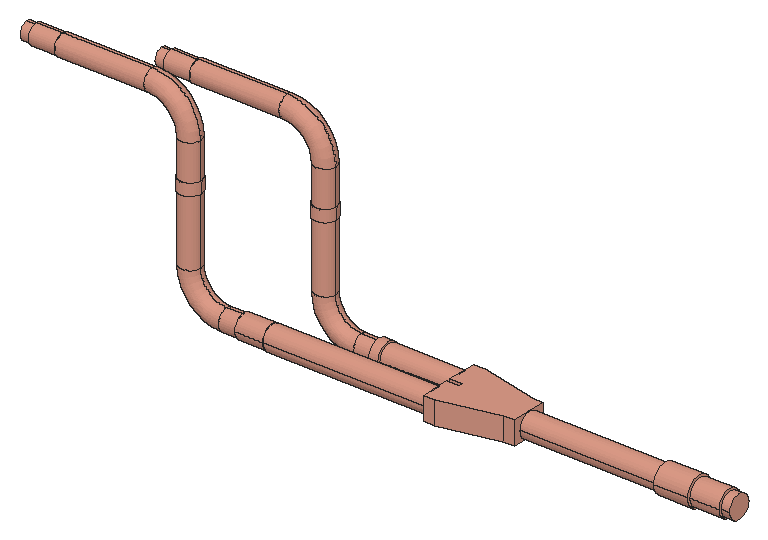
Revit family "outputfile", category 配管付属品, Revit 2024
Family settings
  丸型コネクタ寸法 = 半径を使用
  パーツ タイプ = 標準
  OmniClass 番号 = 23.65.55.00
  OmniClass タイトル = Distribution of Supplied Liquids/Gases
  作業面ベース = いいえ
  常に垂直 = はい
  ロード時にボイドで切り取り = いいえ
  共有 = いいえ
Parameters (values of type "BHFP26MA84_(2)")
  Description = ""
  製造元 = "Daikin"
  書き出し IFC クラス(タイプ) = "IfcPipeFittingType"
  Default Elevation = 0.0 mm
  定義済み IFC タイプ(タイプ) = "JUNCTION"
  Cost = 0
  モデル = "BHFP26MA84_(2)"
  Type Comments = ""
  Keynote = ""
  Type Image = (empty or 0)
  Assembly Code = ""
  table_PipeToCU_B [instance] = if(mm⇔inch, "Multi Module Kit_BHFP26MA-_HPLPGas_PipeToCU_B", "Multi Module Kit_BHFP26MA-_HPLPGas_PipeToCU_B_inch")  # "Multi Module Kit_BHFP26MA-_HPLPGas_PipeToCU_B"
  table_PipeToCU_A [instance] = if(mm⇔inch, "Multi Module Kit_BHFP26MA-_HPLPGas_PipeToCU_A", "Multi Module Kit_BHFP26MA-_HPLPGas_PipeToCU_A_inch")  # "Multi Module Kit_BHFP26MA-_HPLPGas_PipeToCU_A"
  table_ToMainPipe [instance] = if(mm⇔inch, "Multi Module Kit_BHFP26MA-_HPLPGas_ToMainPipe", "Multi Module Kit_BHFP26MA-_HPLPGas_ToMainPipe_inch")  # "Multi Module Kit_BHFP26MA-_HPLPGas_ToMainPipe"
  switch_ToMainPipe3 [instance] = if(number_ToMainPipe < 3, 1 = 0, 1 = 1)  # yes
  switch_PipeToCU_B Reducer [instance] = if(and(Is_PipeToCU_B Reducer = 1, judge_IsOffsetPipe_ToOutdoorUnitB = 0), 1 = 1, 1 = 0)  # yes
  switch_PipeToCU_B4 [instance] = if(number_PipeToCU_B < 4, 1 = 0, 1 = 1)  # no
  switch_PipeToCU_B3 [instance] = if(number_PipeToCU_B < 3, 1 = 0, 1 = 1)  # no
  switch_PipeToCU_B2 [instance] = if(number_PipeToCU_B < 2, 1 = 0, 1 = 1)  # no
  switch_PipeToCU_A Reducer [instance] = if(Is_PipeToCU_A Reducer = 1, 1 = 1, 1 = 0)  # yes
  switch_ToMainPipe Reducer [instance] = if(Is_ToMainPipe Reducer = 1, 1 = 1, 1 = 0)  # no
  switch_ToMainPipe2 [instance] = if(number_ToMainPipe < 2, 1 = 0, 1 = 1)  # yes
  switch_Offset Reducer(4) [instance] = if(and([judge_JointType(1or2)] = 1, Is_PipeToCU_B Reducer = 1, judge_IsOffsetPipe_ToOutdoorUnitB = 1), 1 = 1, 1 = 0)  # no
  switch_Offset Reducer(3) [instance] = if(and([judge_JointType(1or2)] = 2, Is_PipeToCU_B Reducer = 1, judge_IsOffsetPipe_ToOutdoorUnitB = 1), 1 = 1, 1 = 0)  # no
  r_PipeToCU_B_ActualDiameter [instance] = [PipeToCU_B_HP/LP Gas_ActualDiameter] / 2  # 7.95 mm
  r_PipeToCU_A_ActualDiameter [instance] = [PipeToCU_A_HP/LP Gas_ActualDiameter] / 2  # 7.95 mm
  r_ToMainPipe_ActualDiameter [instance] = [ToMainPipe_HP/LP Gas_ActualDiameter] / 2  # 11.1 mm
  number_PipeToCU_B ReducerPipe [instance] = size_lookup(table_PipeToCU_B, "reducerPipeNumber", 2, モデル, judge_IsOffsetPipe_ToOutdoorUnitB, [PipeToCU_B_HP/LP Gas_ActualDiameter])  # 2
  number_PipeToCU_B [instance] = size_lookup(table_PipeToCU_B, "pipeNumber", 1, モデル, judge_IsOffsetPipe_ToOutdoorUnitB, [PipeToCU_B_HP/LP Gas_ActualDiameter])  # 1
  number_PipeToCU_A ReducerPipe [instance] = size_lookup(table_PipeToCU_A, "reducerPipeNumber", 2, モデル, [PipeToCU_A_HP/LP Gas_ActualDiameter])  # 2
  number_ToMainPipe [instance] = size_lookup(table_ToMainPipe, "pipeNumber", 3, モデル, [ToMainPipe_HP/LP Gas_ActualDiameter])  # 3
  mm⇔inch [instance] = yes
  l_ToMainPipe3 [instance] = size_lookup(table_ToMainPipe, "L_Pipe3", 10.0 mm, モデル)  # 10.0 mm
  h_PipeToCU_B Connector [instance] = if(Is_PipeToCU_B Reducer = 1, 200.0 mm, 0.0 mm)  # 200.0 mm
  h_PipeToCU_A Connector [instance] = if(Is_PipeToCU_A Reducer = 1, 200.0 mm, 0.0 mm)  # 200.0 mm
  angle_PipeToCU_B Reducer [instance] = 90.00°  # constant formula
  Unit Type = "BHFP26MA-_HPLPGas"
  Uniclass2015Version = "Products v1.31"
  Uniclass2015Title = "Copper pipe fittings"
  Uniclass2015Code = "Pr_65_52_63_18"
  URL = ""
  ToMainPipe_HP/LP Gas_Status [instance] = size_lookup(table_ToMainPipe, "Information", "The connected pipe size is not available.", モデル, [ToMainPipe_HP/LP Gas_ActualDiameter])  # "Default connector size is used."
  ToMainPipe_HP/LP Gas_ActualDiameter [instance] = 22.2 mm
  Tag No. [instance] = ""
  Series = "Multi Module kit"
  PipeToCU_B_HP/LP Gas_Status [instance] = size_lookup(table_PipeToCU_B, "Information", "The connected pipe size is not available.", モデル, judge_IsOffsetPipe_ToOutdoorUnitB, [PipeToCU_B_HP/LP Gas_ActualDiameter])  # "Reducer is used at connector."
  PipeToCU_B_HP/LP Gas_ActualDiameter [instance] = 15.9 mm
  PipeToCU_A_HP/LP Gas_Status [instance] = size_lookup(table_PipeToCU_A, "Information", "The connected pipe size is not available.", モデル, [PipeToCU_A_HP/LP Gas_ActualDiameter])  # "Reducer is used at connector."
  PipeToCU_A_HP/LP Gas_ActualDiameter [instance] = 15.9 mm
  Material_Piping = DAIKIN_Copper_Pipe
  Material_Insulation = DAIKIN_White_Insulation
  location_PipeToCU_B connector [instance] = size_lookup(table_PipeToCU_B, "Locationconnector", 0.0 mm, モデル, judge_IsOffsetPipe_ToOutdoorUnitB, [PipeToCU_B_HP/LP Gas_ActualDiameter])  # 0.0 mm
  location_PipeToCU_A connector [instance] = size_lookup(table_PipeToCU_A, "Locationconnector", 0.0 mm, モデル, [PipeToCU_A_HP/LP Gas_ActualDiameter])  # 0.0 mm
  l_PipeToCU_B connector [instance] = size_lookup(table_PipeToCU_B, "Length", 433.0 mm, モデル, judge_IsOffsetPipe_ToOutdoorUnitB, [PipeToCU_B_HP/LP Gas_ActualDiameter])  # 433.0 mm
  l_PipeToCU_B Reducer [instance] = 100.0 mm  # constant formula
  l_PipeToCU_B4 [instance] = size_lookup(table_PipeToCU_B, "L_Pipe4", 2.0 mm, モデル)  # 2.0 mm
  l_PipeToCU_B3 [instance] = size_lookup(table_PipeToCU_B, "L_Pipe3", 2.0 mm, モデル)  # 2.0 mm
  l_PipeToCU_B2 [instance] = size_lookup(table_PipeToCU_B, "L_Pipe2", 10.0 mm, モデル)  # 10.0 mm
  l_PipeToCU_B1 [instance] = size_lookup(table_PipeToCU_B, "L_Pipe1", 30.0 mm, モデル)  # 30.0 mm
  l_PipeToCU_B0 [instance] = size_lookup(table_PipeToCU_B, "L_Pipe0", 173.0 mm, モデル)  # 173.0 mm
  l_PipeToCU_A connector [instance] = size_lookup(table_PipeToCU_A, "Length", 318.0 mm, モデル, [PipeToCU_A_HP/LP Gas_ActualDiameter])  # 318.0 mm
  l_PipeToCU_A1 [instance] = size_lookup(table_PipeToCU_A, "L_Pipe1", 10.0 mm, モデル)  # 10.0 mm
  l_PipeToCU_A0 [instance] = size_lookup(table_PipeToCU_A, "L_Pipe0", 78.0 mm, モデル)  # 78.0 mm
  l_ToMainPipe connector [instance] = size_lookup(table_ToMainPipe, "Length", 223.0 mm, モデル, [ToMainPipe_HP/LP Gas_ActualDiameter])  # 223.0 mm
  l_ToMainPipe Reducer [instance] = size_lookup(table_ToMainPipe, "L_Reducer", 2.0 mm, モデル, [ToMainPipe_HP/LP Gas_ActualDiameter])  # 2.0 mm
  l_ToMainPipe2 [instance] = size_lookup(table_ToMainPipe, "L_Pipe2", 32.0 mm, モデル)  # 32.0 mm
  l_ToMainPipe1 [instance] = size_lookup(table_ToMainPipe, "L_Pipe1", 36.0 mm, モデル)  # 36.0 mm
  l_ToMainPipe0 [instance] = size_lookup(table_ToMainPipe, "L_Pipe0", 145.0 mm, モデル)  # 145.0 mm
  judge_IsOffsetPipe_ToOutdoorUnitB [instance] = 0  # constant formula
  judge_JointType(1or2) = 2
  count_PipeToCU_B Reducer [instance] = size_lookup(table_PipeToCU_B, "reducerCount", 1, モデル, judge_IsOffsetPipe_ToOutdoorUnitB, [PipeToCU_B_HP/LP Gas_ActualDiameter])  # 1
  count_PipeToCU_A Reducer [instance] = size_lookup(table_PipeToCU_A, "reducerCount", 1, モデル, [PipeToCU_A_HP/LP Gas_ActualDiameter])  # 1
  angle_PipeToCU_A Reducer [instance] = 90.00°  # constant formula
  angle_PipeToCU_A Connector [instance] = 90.00°  # constant formula
  PipeToCU_B_HP/LP Gas_AvailableDiameter [instance] = size_lookup(table_PipeToCU_B, "sizeVariation", "", モデル, judge_IsOffsetPipe_ToOutdoorUnitB)  # "15.9/19.1mm"
  PipeToCU_A_HP/LP Gas_AvailableDiameter [instance] = size_lookup(table_PipeToCU_A, "sizeVariation", "", モデル)  # "15.9/19.1mm"
  ToMainPipe_HP/LP Gas_AvailableDiameter [instance] = size_lookup(table_ToMainPipe, "sizeVariation", "", モデル)  # "22.2/25.4/28.6mm"
  O.D_ToMainPipe Reducer [instance] = size_lookup(table_ToMainPipe, "O.D_reducer", 2.0 mm, モデル, [ToMainPipe_HP/LP Gas_ActualDiameter])  # 2.0 mm
  Link_Nested Family [instance] = ""
  Is_PipeToCU_B Reducer [instance] = size_lookup(table_PipeToCU_B, "IsReducer", 1, モデル, judge_IsOffsetPipe_ToOutdoorUnitB, [PipeToCU_B_HP/LP Gas_ActualDiameter])  # 1
  Is_PipeToCU_A Reducer [instance] = size_lookup(table_PipeToCU_A, "IsReducer", 1, モデル, [PipeToCU_A_HP/LP Gas_ActualDiameter])  # 1
  Is_ToMainPipe Reducer [instance] = size_lookup(table_ToMainPipe, "IsReducer", 0, モデル, [ToMainPipe_HP/LP Gas_ActualDiameter])  # 0
  IfcVersion = ""
  IfcExportType = "JUNCTION"
  IfcExportAs = "IfcPipeFittingType"
  I.D_ToMainPipe3 [instance] = size_lookup(table_ToMainPipe, "I.D_PipeSize3", 22.2 mm, モデル)  # 22.2 mm
  Attach_Insulation [instance] = no
  I.D_PipeToCU_B4 [instance] = size_lookup(table_PipeToCU_B, "I.D_PipeSize4", 2.0 mm, モデル)  # 2.0 mm
  I.D_PipeToCU_B3 [instance] = size_lookup(table_PipeToCU_B, "I.D_PipeSize3", 2.0 mm, モデル)  # 2.0 mm
  I.D_PipeToCU_B2 [instance] = size_lookup(table_PipeToCU_B, "I.D_PipeSize2", 19.1 mm, モデル)  # 19.1 mm
  I.D_PipeToCU_B1 [instance] = size_lookup(table_PipeToCU_B, "I.D_PipeSize1", 22.5 mm, モデル)  # 22.5 mm
  I.D_PipeToCU_B0 [instance] = size_lookup(table_PipeToCU_B, "I.D_PipeSize0", 23.4 mm, モデル)  # 23.4 mm
  I.D_PipeToCU_A1 [instance] = 24.5 mm  # constant formula
  I.D_PipeToCU_A0 [instance] = 22.2 mm  # constant formula
  I.D_ToMainPipe Reducer [instance] = size_lookup(table_ToMainPipe, "I.D_reducer", 2.0 mm, モデル, [ToMainPipe_HP/LP Gas_ActualDiameter])  # 2.0 mm
  I.D_ToMainPipe2 [instance] = size_lookup(table_ToMainPipe, "I.D_PipeSize2", 25.4 mm, モデル)  # 25.4 mm
  I.D_ToMainPipe1 [instance] = size_lookup(table_ToMainPipe, "I.D_PipeSize1", 28.6 mm, モデル)  # 28.6 mm
  I.D_ToMainPipe0 [instance] = size_lookup(table_ToMainPipe, "I.D_PipeSize0", 23.4 mm, モデル)  # 23.4 mm
Reference planes
  plane 1 "Center (Front/Back)": y = 0
  plane 2: z = 0
  plane 3 "MainPipe2": x = 225.65
  plane 4: x = 193.65
  plane 5: x = 157.65
  plane 6: x = 12.65
  plane 7: x = -72.35
  plane 8: x = -160.35
  plane 9: x = -245.35
  plane 10: x = -275.35
  plane 11: x = -285.35
  plane 12: x = -287.35
  plane 13: x = -289.35
  plane 14: y = 17.5
  plane 15: y = -17.491
  plane 16: x = -150.35
  plane 17: x = 62.65
  plane 18 "ToMainPipe_connector": x = 235.65
  plane 19 "connector_OutdoorunitA": x = -72.35
  plane 20 "connectorLocation_TooutdoorUnitB": y = -17.491
  plane 21 "connector_ToOutdoorUnitB": x = -505.35
  plane 22 "MainPipe3": x = 235.65
Forms (mm)
  Extrusion 1, solid, material "DAIKIN_Copper_Pipe" <- "Material_Piping"
    sketch origin (0, 0, 0) x (1, 0, 0) y (0, 1, 0)
      loop
        line (-72.35, 1.998) -> (-60.35, 1.998) -> (-60.35, -1.998) -> (-72.35, -1.998) -> (-72.35, -33.29) -> (-60.35, -33.29) -> (0.65, -19.109) -> (12.65, -19.109) -> (12.65, 18.821) -> (0.65, 18.821) -> (-60.35, 33.29) -> (-72.35, 33.29) -> (-72.35, 1.998)
    from -12.2 to 12.2
Dimensions and locks
  locked: Extrusion 1 sketch curve to Extrusion 1 sketch curve at 37.93
  locked: Extrusion 1 sketch curve to Extrusion 1 sketch curve at 66.58
  locked: plane 6 to plane 17 at 50
  "l_PipeToCU_A0": plane 16 to plane 7
  "l_PipeToCU_A1": plane 8 to plane 16
  "l_PipeToCU_B0": plane 9 to plane 7
  "l_PipeToCU_B1": plane 10 to plane 9
  "l_PipeToCU_B2": plane 11 to plane 10
  "l_PipeToCU_B3": plane 12 to plane 11
  "l_PipeToCU_B4": plane 13 to plane 12
  locked: plane 7 to plane 6 at 85
  plane 17 to plane 5 = 95.0 mm
  "l_ToMainPipe1": plane 5 to plane 4
  "l_ToMainPipe2": plane 4 to plane 3 "MainPipe2"
  "l_ToMainPipe0": plane 6 to plane 5
  "l_ToMainPipe connector": plane 6 to plane 18 "ToMainPipe_connector"
  "location_PipeToCU_A connector": plane 19 "connector_OutdoorunitA" to plane 7
  "l_PipeToCU_B connector": plane 21 "connector_ToOutdoorUnitB" to plane 7
  "location_PipeToCU_B connector": plane 20 "connectorLocation_TooutdoorUnitB" to plane 15
  plane 14 to plane 1 "Center (Front/Back)" to plane 15 = 17.5 mm locked, 17.491 mm locked
  plane 21 "connector_ToOutdoorUnitB" to plane 18 "ToMainPipe_connector" = 741.0 mm
  "l_ToMainPipe3": plane 3 "MainPipe2" to plane 22 "MainPipe3"
  aligned and locked: level to plane 2
  aligned and locked: plane 2 to nested 1
  aligned and locked: plane 1 "Center (Front/Back)" to nested 1
  aligned and locked: plane 3 "MainPipe2" to nested 1
  aligned and locked: plane 4 to nested 1
  aligned and locked: plane 4 to nested 2
  aligned and locked: plane 5 to nested 2
  aligned and locked: plane 5 to nested 3
  aligned and locked: plane 6 to nested 3
  aligned and locked: plane 6 to Extrusion 1
  aligned and locked: Extrusion 1 to plane 7  (x2)
  aligned and locked: plane 7 to nested 4
  aligned and locked: plane 8 to nested 5
  aligned and locked: plane 16 to nested 5
  aligned and locked: nested 5 to plane 14
  aligned and locked: nested 6 to plane 15
  aligned and locked: plane 7 to nested 6
  aligned and locked: plane 9 to nested 6
  aligned and locked: plane 10 to nested 7
  aligned and locked: plane 9 to nested 7
  aligned and locked: plane 11 to nested 8
  aligned and locked: plane 10 to nested 8
  aligned and locked: plane 12 to nested 9
  aligned and locked: plane 11 to nested 9
  aligned and locked: plane 13 to nested 10
  aligned and locked: plane 12 to nested 10
  aligned and locked: nested 10 to plane 15
  aligned and locked: nested 9 to plane 15
  aligned and locked: nested 8 to plane 15
  aligned and locked: nested 7 to plane 15
  aligned and locked: plane 1 "Center (Front/Back)" to nested 11
  aligned and locked: plane 17 to nested 11
  aligned and locked: plane 16 to nested 4
  aligned and locked: nested 12 to plane 14
  aligned and locked: plane 8 to nested 12
  aligned and locked: plane 1 "Center (Front/Back)" to nested 13
  aligned and locked: plane 18 "ToMainPipe_connector" to nested 13
  aligned and locked: plane 6 to nested 14
  aligned and locked: plane 1 "Center (Front/Back)" to nested 3
  aligned and locked: plane 14 to nested 15
  aligned and locked: nested 15 to plane 19 "connector_OutdoorunitA"
  aligned and locked: nested 16 to plane 20 "connectorLocation_TooutdoorUnitB"
  aligned and locked: nested 16 to plane 7
  aligned and locked: nested 16 to plane 15
  aligned and locked: plane 3 "MainPipe2" to nested 18
  aligned and locked: plane 22 "MainPipe3" to nested 18
  aligned and locked: plane 1 "Center (Front/Back)" to nested 18
  aligned and locked: plane 10 to nested 17
Automatic sketch dimensions
  Extrusion 1 sketch curve to plane 7 = 0.0 mm  (x2)
  Extrusion 1 sketch curve to plane 6 = 0.0 mm
  Extrusion 1 sketch curve to Extrusion 1 sketch curve = 12.0 mm  (x3)
  Extrusion 1 sketch curve to plane 1 "Center (Front/Back)" = 1.998 mm
  plane 14 to Extrusion 1 sketch curve = 1.321 mm
  Extrusion 1 sketch curve to plane 6 = 12.0 mm  (x2)
  Extrusion 1 sketch curve to plane 15 = 15.799 mm
  plane 1 "Center (Front/Back)" to Extrusion 1 sketch curve = 1.998 mm
Nested families
  nested 1: "daikin_Pipe" at (209.65, 0, 0), I.D_Pipe <- "I.D_ToMainPipe2", display <- "switch_ToMainPipe2", type "*"
    with length_Pipe 32.0 mm, display yes, O.D_Pipe 27.4 mm, I.D_Pipe 25.4 mm
  nested 2: "daikin_Pipe" at (175.65, 0, 0), I.D_Pipe <- "I.D_ToMainPipe1", type "*"
    with length_Pipe 36.0 mm, display yes, O.D_Pipe 30.6 mm, I.D_Pipe 28.6 mm
  nested 3: "daikin_Pipe" at (85.15, 0, 0), I.D_Pipe <- "I.D_ToMainPipe0", type "*"
    with length_Pipe 145.0 mm, display yes, O.D_Pipe 25.4 mm, I.D_Pipe 23.4 mm
  nested 4: "daikin_Pipe" at (-111.35, 17.644, 0), I.D_Pipe <- "I.D_PipeToCU_A0", type "*"
    with length_Pipe 78.0 mm, display yes, O.D_Pipe 24.2 mm, I.D_Pipe 22.2 mm
  nested 5: "daikin_Pipe" at (-155.35, 17.5, 0), I.D_Pipe <- "I.D_PipeToCU_A1", type "*"
    with length_Pipe 10.0 mm, display yes, O.D_Pipe 26.5 mm, I.D_Pipe 24.5 mm
  nested 6: "daikin_Pipe" at (-158.85, -17.491, 0), I.D_Pipe <- "I.D_PipeToCU_B0", type "*"
    with length_Pipe 173.0 mm, display yes, O.D_Pipe 25.4 mm, I.D_Pipe 23.4 mm
  nested 7: "daikin_Pipe" at (-260.35, -17.491, 0), I.D_Pipe <- "I.D_PipeToCU_B1", type "*"
    with length_Pipe 30.0 mm, display yes, O.D_Pipe 24.5 mm, I.D_Pipe 22.5 mm
  nested 8: "daikin_Pipe" at (-280.35, -17.491, 0), I.D_Pipe <- "I.D_PipeToCU_B2", display <- "switch_PipeToCU_B2", type "*"
    with length_Pipe 10.0 mm, display no, O.D_Pipe 21.1 mm, I.D_Pipe 19.1 mm
  nested 9: "daikin_Pipe" at (-286.35, -17.491, 0), display <- "switch_PipeToCU_B3", I.D_Pipe <- "I.D_PipeToCU_B3", visible <- "switch_PipeToCU_B3", type "*"
    with length_Pipe 2.0 mm, display no, O.D_Pipe 4.0 mm, I.D_Pipe 2.0 mm
  nested 10: "daikin_Pipe" at (-288.35, -17.491, 0), display <- "switch_PipeToCU_B4", I.D_Pipe <- "I.D_PipeToCU_B4", visible <- "switch_PipeToCU_B4", type "*"
    with length_Pipe 2.0 mm, display no, O.D_Pipe 4.0 mm, I.D_Pipe 2.0 mm
  nested 11: "daikin_MultiModeluKit_Insulation" at (62.65, 0, 0), display <- "Attach_Insulation", type "*"
    with h 54.2 mm, display no, I.D_Outlet PipeSize 22.2 mm
  nested 12: "daikin_Multi Module kit_Reducer90_rotate" at (-160.35, 17.5, 0), number_reducerPipe <- "number_PipeToCU_A ReducerPipe", angle_Pipe <- "angle_PipeToCU_A Reducer", visible <- "switch_PipeToCU_A Reducer", type "PipeToCU_A"
    with number_reducerPipe 2, angle_Pipe 90.00°, I.D_connector 19.1 mm
  nested 13: "daikin_Pipe_reducer" at (234.65, 0, 0), I.D_Pipe1 <- "I.D_ToMainPipe Reducer", O.D_Pipe2 <- "O.D_ToMainPipe Reducer", length_Pipe <- "l_ToMainPipe Reducer", display <- "switch_ToMainPipe Reducer", type "*"
    with length_Pipe 2.0 mm, display no, O.D_Pipe2 2.0 mm, O.D_Pipe1 4.0 mm, I.D_Pipe2 0.0 mm, I.D_Pipe1 2.0 mm
  nested 14: "daikin_connector_rotate3" at (12.65, 0, 0) x (0, 1, 0) z (0, 0, 1), length <- "l_ToMainPipe connector", type "daikin_connector_rotate3"
    with radius 10.0 mm, length 223.0 mm, angle_vertical 90.00°, angle_horizontal 0.00°
  nested 15: "daikin_connector_rotate3" at (-72.35, 17.5, 200) x (-1, 0, 0) z (0, 0, 1), length <- "l_PipeToCU_A connector", angle_vertical <- "angle_PipeToCU_A Connector", built-in parameter 1001364 <- "h_PipeToCU_A Connector", type "daikin_connector_rotate3"
    with radius 10.0 mm, length 318.0 mm, angle_vertical 90.00°, angle_horizontal 90.00°
  nested 16: "daikin_connector_rotate3" at (-72.35, -17.491, 200) x (0, -1, 0) z (0, 0, 1), length <- "l_PipeToCU_B connector", built-in parameter 1001364 <- "h_PipeToCU_B Connector", type "daikin_connector_rotate3"
    with radius 10.0 mm, length 433.0 mm, angle_vertical 90.00°, angle_horizontal 0.00°
  nested 17: "daikin_Multi Module kit_Reducer90_rotate" at (-275.35, -17.491, 0), number_reducerPipe <- "number_PipeToCU_B ReducerPipe", angle_Pipe <- "angle_PipeToCU_B Reducer", visible <- "switch_PipeToCU_B Reducer", type "PipeToCU_B"
    with number_reducerPipe 2, angle_Pipe 90.00°, I.D_connector 34.9 mm, l_Pipe0 57.0 mm
  nested 18: "daikin_Pipe" at (230.65, 0, 0), I.D_Pipe <- "I.D_ToMainPipe3", display <- "switch_ToMainPipe3", type "*"
    with length_Pipe 10.0 mm, display yes, O.D_Pipe 24.2 mm, I.D_Pipe 22.2 mm
Connectors
  piping at (235.65, 0, 0), diameter 22.2, driven by "r_ToMainPipe_ActualDiameter"
    settings: on nested 14, index 1, connector inside diameter 609.6 mm, connector length 0.0 mm, flow factor 0, pipe flow 0.00 m³/h, pressure drop 0.0 Pa, fitting loss kfactor 0, connector angle 0.00°, fixture units 0, engagement length 0.0 mm, angle of deflection 0.00°, flow configuration 0, flow direction 0, fitting loss method 0, system type 29, joint type 0, gender type 0, connector reference index -1, connector utility 0, adjustable connector no, is connector primary yes, connector description "Multi Module kit_to Main Pipe_HP/LP Gas"
  piping at (-390.35, 17.5, 200), diameter 15.9, driven by "r_PipeToCU_A_ActualDiameter"
    settings: on nested 15, index 2, connector inside diameter 609.6 mm, connector length 0.0 mm, flow factor 0, pipe flow 0.00 m³/h, pressure drop 0.0 Pa, fitting loss kfactor 0, connector angle 0.00°, fixture units 0, engagement length 0.0 mm, angle of deflection 0.00°, flow configuration 0, flow direction 0, fitting loss method 0, system type 29, joint type 0, gender type 0, connector reference index -1, connector utility 0, adjustable connector no, is connector primary no, connector description "Multi Module kit_Piping to CU-A_HP/LP Gas"
  piping at (-505.35, -17.491, 200), diameter 15.9, driven by "r_PipeToCU_B_ActualDiameter"
    settings: on nested 16, index 3, connector inside diameter 609.6 mm, connector length 0.0 mm, flow factor 0, pipe flow 0.00 m³/h, pressure drop 0.0 Pa, fitting loss kfactor 0, connector angle 0.00°, fixture units 0, engagement length 0.0 mm, angle of deflection 0.00°, flow configuration 0, flow direction 0, fitting loss method 0, system type 29, joint type 0, gender type 0, connector reference index -1, connector utility 0, adjustable connector no, is connector primary no, connector description "Multi Module kit_Piping to CU-B_HP/LP Gas"
Definition of nested family "daikin_Pipe"
  Parameters (values of type "*")
    Default Elevation = 0.0 mm
    material = none
    length_Pipe [instance] = 150.0 mm
    display [instance] = yes
    O.D_Pipe [instance] = I.D_Pipe + 2.0 mm  # 27.0 mm
    I.D_Pipe [instance] = 25.0 mm
  Reference planes
    plane 1 "Center (Front/Back)": y = 0
    plane 2 "center(vertical)": z = 0
    plane 3 "Center (Left/Right)": x = 0
    plane 4 "left": x = -75
    plane 5 "right": x = 75
  Forms (mm)
    Extrusion 1, solid, material <- "material", visible <- "display"
      sketch origin (0, 0, 0) x (0, 1, 0) y (0, 0, 1)
        loop
          circle (0, 0) r 13.5
      from -75 to 75
  Dimensions and locks
    equal spacing: plane 4 "left", plane 3 "Center (Left/Right)", plane 5 "right"
    "length_Pipe": plane 4 "left" to plane 5 "right"
    "O.D_Pipe": diameter of Extrusion 1 sketch curve
    aligned and locked: level to plane 2 "center(vertical)"
    aligned and locked: plane 2 "center(vertical)" to Extrusion 1 sketch curve
    aligned and locked: plane 1 "Center (Front/Back)" to Extrusion 1 sketch curve
    aligned and locked: plane 5 "right" to Extrusion 1
    aligned and locked: Extrusion 1 to plane 4 "left"
Definition of nested family "daikin_Multi Module kit_Reducer90_rotate"
  Parameters (values of type "PipeToCU_A")
    Default Elevation = 0.0 mm
    number_reducerPipe [instance] = 4
    material_Pipe = none
    l_Pipe0 = 57.0 mm
    angle_Pipe [instance] = 30.00°
    I.D_connector [instance] = 34.9 mm
  Types (2, lengths in mm): name | l_Pipe0
    PipeToCU_A | 57.0
    PipeToCU_B | 57.5
  Reference planes
    plane 1 "Center (Front/Back)": y = 0
    plane 2: z = 0
    plane 3 "Center (Left/Right)": x = 0
  Dimensions and locks
    "angle_Pipe": angle plane 2 to nested 1
    aligned and locked: level to plane 2
  Nested families
    nested 1: "daikin_Multi Module kit_Reducer90" at (0, 0, 0) x (1, 0, 0) z (0, -0.5, 0.866), I.D_connector <- "I.D_connector", ReducerPipe <- "number_reducerPipe", l_Pipe0 <- "l_Pipe0", type "*"
      with l_Pipe0 57.0 mm, display_Pipe4 no, display_Pipe3 no, ReducerPipe 4, I.D_connector 34.9 mm
  Definition of nested family "daikin_Multi Module kit_Reducer90"
    Parameters (values of type "*")
      Default Elevation = 0.0 mm
      material_Pipe = none
      l_Pipe0 [instance] = 57.0 mm
      display_Pipe4 [instance] = ReducerPipe = 2  # no
      display_Pipe3 [instance] = or(ReducerPipe = 1, ReducerPipe = 2)  # no
      ReducerPipe [instance] = 0
      O.D_Pipe4 = 15.9 mm + 2.0 mm  # 17.9 mm
      O.D_Pipe3 = 19.1 mm + 2.0 mm  # 21.1 mm
      O.D_Pipe2 = 22.2 mm  # constant formula
      O.D_Pipe1 = 22.2 mm + 2.0 mm  # 24.2 mm
      O.D_Pipe0 = 22.2 mm  # constant formula
      I.D_connector [instance] = 0.0 mm
    Reference planes
      plane 1 "Center (Front/Back)": y = 0
      plane 2 "center_vertical": z = 0
      plane 3 "Center (Left/Right)": x = 0
      plane 4 "center_toOutdoor": x = -57
      plane 5: y = 110
      plane 6: y = 122
      plane 7: y = 200
      plane 8: x = -192
      plane 9: x = -220
      plane 10: x = -230
    Forms (mm)
      Sweep 1, solid, material <- "material_Pipe"
        path origin (0, 0, 0) x (1, 0, 0) y (0, 1, 0)
          loop
            line (0, 0) -> (-18.241, 0)
            arc (-18.241, 0) -> (-45.648, 11.352) -> (-57, 38.759) r 38.759
            line (-57, 38.759) -> (-57, 110)
        profile origin (-9.12, 0, 0) x (0, -1, 0) y (0, 0, 1)
          loop
            circle (0, 0) r 11.1
      Extrusion 2, solid, material <- "material_Pipe"
        sketch origin (0, 0, 0) x (1, 0, 0) y (0, 0, 1)
          loop
            circle (-57, 0) r 12.1
        from -122 to -110
      Sweep 3, solid, material <- "material_Pipe"
        path origin (0, 0, 0) x (1, 0, 0) y (0, 1, 0)
          loop
            line (-57, 122) -> (-57, 160)
            arc (-57, 160) -> (-68.716, 188.284) -> (-97, 200) r 40
            line (-97, 200) -> (-192, 200)
        profile origin (-57, 141, 0) x (-1, 0, 0) y (0, 0, 1)
          loop
            circle (0, 0) r 11.1
      Extrusion 4, solid, material <- "material_Pipe", visible <- "display_Pipe3"
        sketch origin (0, 0, 0) x (0, 1, 0) y (0, 0, 1)
          loop
            circle (200, 0) r 10.55
        from -220 to -192
      Extrusion 5, solid, material <- "material_Pipe", visible <- "display_Pipe4"
        sketch origin (0, -10.14, 0) x (0, 1, 0) y (0, 0, 1)
          loop
            circle (210.14, 0) r 8.95
        from -230 to -220
    Lines and regions (mm)
      reference lines
        curve 1: line (0, 0, 0) -> (-57, 0, 0)
    Dimensions and locks
      locked: plane 1 "Center (Front/Back)" to plane 5 at 110
      locked: plane 6 to plane 5 at 12
      "l_Pipe0": plane 4 "center_toOutdoor" to plane 3 "Center (Left/Right)"
      plane 1 "Center (Front/Back)" to plane 7 = 200.0 mm
      locked: plane 8 to plane 4 "center_toOutdoor" at 135
      locked: plane 9 to plane 8 at 28
      locked: plane 10 to plane 9 at 10
      plane 10 to plane 3 "Center (Left/Right)" = 230.0 mm
      "O.D_Pipe0": diameter of Sweep 1 sketch curve
      "O.D_Pipe1": diameter of Extrusion 2 sketch curve
      "O.D_Pipe2": diameter of Sweep 3 sketch curve
      "O.D_Pipe3": diameter of Extrusion 4 sketch curve
      "O.D_Pipe4": diameter of Extrusion 5 sketch curve
      aligned and locked: level to plane 2 "center_vertical"
      aligned and locked: plane 6 to Extrusion 2
      aligned and locked: Extrusion 2 to plane 5
      aligned and locked: Sweep 1 sketch curve to plane 1 "Center (Front/Back)"
      aligned and locked: plane 3 "Center (Left/Right)" to curve 1
      aligned and locked: curve 1 to plane 1 "Center (Front/Back)"
      aligned and locked: plane 4 "center_toOutdoor" to Sweep 3 sketch curve
      aligned and locked: plane 2 "center_vertical" to Sweep 3 sketch curve
      aligned and locked: plane 2 "center_vertical" to Extrusion 4 sketch curve
      aligned and locked: plane 7 to Extrusion 4 sketch curve
      aligned and locked: Extrusion 4 to plane 9
      aligned and locked: plane 8 to Extrusion 4
      aligned and locked: Extrusion 5 to plane 10
      aligned and locked: plane 9 to Extrusion 5
      aligned and locked: plane 7 to Extrusion 5 sketch curve
      aligned and locked: plane 2 "center_vertical" to Extrusion 5 sketch curve
    Automatic sketch dimensions
      Sweep 1 sketch curve to plane 4 "center_toOutdoor" = 0.0 mm
      Sweep 1 sketch curve to plane 3 "Center (Left/Right)" = 0.0 mm
      Sweep 1 sketch curve to plane 5 = 0.0 mm
      Sweep 1 sketch curve to plane 3 "Center (Left/Right)" = 18.241 mm
      curve 1 to plane 4 "center_toOutdoor" = 0.0 mm
      Sweep 3 sketch curve to plane 7 = 0.0 mm
      Sweep 3 sketch curve to plane 8 = 0.0 mm
      Sweep 3 sketch curve to plane 4 "center_toOutdoor" = 0.0 mm
      Sweep 3 sketch curve to plane 6 = 0.0 mm
      Sweep 3 sketch curve to plane 4 "center_toOutdoor" = 40.0 mm
      Sweep 1 sketch curve to level = 0.0 mm
      Sweep 1 sketch curve to profile plane = 0.0 mm
      Extrusion 2 sketch curve to level = 0.0 mm
      Extrusion 2 sketch curve to plane 4 "center_toOutdoor" = 0.0 mm
Definition of nested family "daikin_MultiModeluKit_Insulation"
  Parameters (values of type "*")
    Default Elevation = 0.0 mm
    Model = ""
    material = none
    h [instance] = (I.D_Outlet PipeSize + 2.0 mm) + 30.0 mm  # 47.0 mm
    display [instance] = yes
    I.D_Outlet PipeSize [instance] = 15.0 mm
  Reference planes
    plane 1 "Center (Front/Back)": y = 0
    plane 2: z = 0
    plane 3 "Left": x = 0
    plane 4 "top": z = 23.5
    plane 5 "bottom": z = -23.5
  Forms (mm)
    Extrusion 1, solid, material <- "material", visible <- "display"
      sketch origin (0, 0, 0) x (1, 0, 0) y (0, 1, 0)
        loop
          line (0, -27.7) -> (0, 27.7) -> (-123, 45.79) -> (-206, 45.79) -> (-206, 7.021) -> (-269.393, 10) -> (-321, 10) -> (-321, -45.79) -> (-123, -45.79) -> (0, -27.7)
      from -23.5 to 23.5
  Dimensions and locks
    equal spacing: plane 4 "top", plane 2, plane 5 "bottom"
    "h": plane 4 "top" to plane 5 "bottom"
    aligned and locked: level to plane 2
    aligned and locked: plane 3 "Left" to Extrusion 1
    aligned and locked: Extrusion 1 to plane 5 "bottom"
    aligned and locked: plane 4 "top" to Extrusion 1
  Automatic sketch dimensions
    Extrusion 1 sketch curve to plane 3 "Left" = 0.0 mm
    Extrusion 1 sketch curve to plane 1 "Center (Front/Back)" = 45.79 mm
    Extrusion 1 sketch curve to plane 3 "Left" = 123.0 mm
    Extrusion 1 sketch curve to Extrusion 1 sketch curve = 83.0 mm
    Extrusion 1 sketch curve to plane 1 "Center (Front/Back)" = 10.0 mm
    Extrusion 1 sketch curve to Extrusion 1 sketch curve = 63.393 mm
    Extrusion 1 sketch curve to Extrusion 1 sketch curve = 51.607 mm
    Extrusion 1 sketch curve to plane 1 "Center (Front/Back)" = 7.021 mm
    plane 1 "Center (Front/Back)" to Extrusion 1 sketch curve = 45.79 mm
    Extrusion 1 sketch curve to plane 1 "Center (Front/Back)" = 27.7 mm
    Extrusion 1 sketch curve to Extrusion 1 sketch curve = 0.0 mm
    plane 1 "Center (Front/Back)" to Extrusion 1 sketch curve = 27.7 mm
Definition of nested family "daikin_Pipe_reducer"
  Parameters (values of type "*")
    Default Elevation = 0.0 mm
    material = none
    length_Pipe [instance] = 250.0 mm
    display [instance] = yes
    O.D_Pipe2 [instance] = 19.1 mm
    O.D_Pipe1 [instance] = I.D_Pipe1 + 2.0 mm  # 24.2 mm
    I.D_Pipe2 [instance] = O.D_Pipe2 - 2.0 mm  # 17.1 mm
    I.D_Pipe1 [instance] = 22.2 mm
  Reference planes
    plane 1 "Center (Front/Back)": y = 0
    plane 2 "center(vertical)": z = 0
    plane 3 "Center (Left/Right)": x = 0
    plane 4 "connection": x = -125
    plane 5 "right": x = 113
    plane 6: x = 125
  Forms (mm)
    Extrusion 1, solid, material <- "material", visible <- "display"
      sketch origin (0, 0, 0) x (0, 1, 0) y (0, 0, 1)
        loop
          circle (0, 0) r 9.55
      from -125 to 113
    Extrusion 2, solid, material <- "material", visible <- "display"
      sketch origin (0, 0, 0) x (0, 1, 0) y (0, 0, 1)
        loop
          circle (0, 0) r 12.1
      from 113 to 125
  Dimensions and locks
    locked: plane 5 "right" to plane 6 at 12
    "length_Pipe": plane 4 "connection" to plane 6
    equal spacing: plane 4 "connection", plane 3 "Center (Left/Right)", plane 6
    "O.D_Pipe2": diameter of Extrusion 1 sketch curve
    "O.D_Pipe1": diameter of Extrusion 2 sketch curve
    aligned and locked: level to plane 2 "center(vertical)"
    aligned and locked: plane 2 "center(vertical)" to Extrusion 1 sketch curve
    aligned and locked: plane 1 "Center (Front/Back)" to Extrusion 1 sketch curve
    aligned and locked: plane 5 "right" to Extrusion 1
    aligned and locked: Extrusion 1 to plane 4 "connection"
    aligned and locked: plane 2 "center(vertical)" to Extrusion 2 sketch curve
    aligned and locked: plane 1 "Center (Front/Back)" to Extrusion 2 sketch curve
    aligned and locked: Extrusion 2 to plane 5 "right"
    aligned and locked: plane 6 to Extrusion 2
Definition of nested family "daikin_connector_rotate3"
  Parameters (values of type "daikin_connector_rotate3")
    Default Elevation = 1219.2 mm
    show_face = no
    show_circle = no
    radius [instance] = 10.0 mm
    length [instance] = 600.0 mm
    angle_horizontal [instance] = 60.00°
    angle_vertical [instance] = 90.00°
  Reference planes
    plane 1 "Center (Front/Back)": y = 0
    plane 2: z = 0
    plane 3 "Center (Left/Right)": x = 0
  Dimensions and locks
    "angle_horizontal": angle plane 3 "Center (Left/Right)" to nested 1
    aligned and locked: level to plane 2
    aligned and locked: plane 1 "Center (Front/Back)" to nested 1  (x2)
    aligned and locked: plane 3 "Center (Left/Right)" to nested 1
  Nested families
    nested 1: "daikin_connector_rotate2" at (0, 0, 0) x (0.5, 0.866, 0) z (0, 0, 1), angle_vertical <- "angle_vertical", length <- "length", radius <- "radius", type "daikin_connector_rotate2"
      with radius 10.0 mm, length 600.0 mm, angle_vertical 90.00°, Default Elevation 0.0 mm, show_circle no
  Definition of nested family "daikin_connector_rotate2"
    Parameters (values of type "daikin_connector_rotate2")
      Default Elevation = 1219.2 mm
      show_face = no
      show_circle = yes
      radius [instance] = 10.0 mm
      length [instance] = 600.0 mm
      d_surface = 10.0 mm
      angle_vertical [instance] = 90.00°
    Reference planes
      plane 1 "Center (Front/Back)": y = 0
      plane 2: z = 0
      plane 3 "Center (Left/Right)": x = 0
    Forms (mm)
      Extrusion 1, solid, visible <- "show_face"
        sketch origin (0, -600, 0) x (1, 0, 0) y (0, 0, 1)
          loop
            circle (0, 0) r 10
        from 0 to -10
    Lines and regions (mm)
      reference lines
        curve 1: line (0, 0, 0) -> (0, -600, 0)
      symbolic lines, visible <- "show_circle"
        curve 2: circle (0, 0, 0) r 5 normal (0, 0, 1)
      model lines, visible <- "show_face"
        curve 3: line (0, 0, 0) -> (0, -600, 0)
    Dimensions and locks
      "length": curve 1 to curve 1
      "length": curve 3 to curve 3
      "d_surface": Extrusion 1 to Extrusion 1
      "radius": radius of Extrusion 1 sketch curve
      "angle_vertical": angle curve 1 to plane 1 "Center (Front/Back)"
      "angle_vertical": angle curve 3 to plane 1 "Center (Front/Back)"
      aligned and locked: level to plane 2
      aligned and locked: plane 1 "Center (Front/Back)" to curve 1
      aligned and locked: plane 2 to curve 1
      aligned and locked: plane 1 "Center (Front/Back)" to curve 2
      aligned and locked: plane 3 "Center (Left/Right)" to curve 2
      aligned and locked: plane 1 "Center (Front/Back)" to curve 3
      aligned and locked: plane 2 to curve 3
      aligned and locked: Extrusion 1 to Extrusion 1
    Automatic sketch dimensions
      Extrusion 1 sketch curve to level = 0.0 mm
      Extrusion 1 sketch curve to plane 3 "Center (Left/Right)" = 0.0 mm
      radius of curve 2 = 5.0 mm
